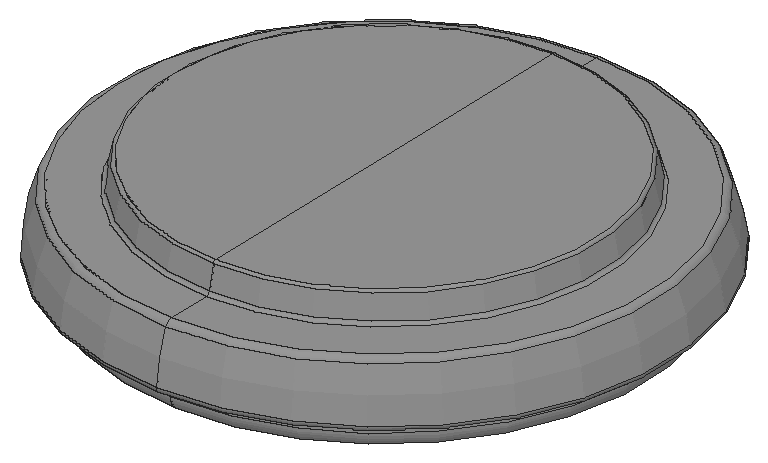
Revit family "FMK11_63_UN_Surface-mounted_ETK", category Lighting Fixtures, Revit 2017 (continued)
Definition of nested family "FMK.1 - Lightsource"
  Types (13, lengths in mm): name | Wattage Comments | Photometric Web File | built-in parameter 1150142 | Apparent Load
      580.557\r\n575.8245\t567.7807\t558.671\t549.5453\t540.3689\t531.5285\t520.6203\t507.6479\t495.0358\t482.4103\r\n469.7659\t456.1023\t439.9856\t424.2655\t408.544\t392.8333\t376.1554\t357.0502\t338.3348\t319.6294\r\n300.9487\t282.2854\t263.6386\t245.0208\t226.416\t229.2017\t45.4684\t0\t0\t0\r\n0\t0\t0\t0\t0\t0\r\n604.9325\t604.7632\t604.6362\t603.7203\t602.0082\t600.4147\t595.7247\t590.7676\t585.7629\t580.6861\r\n575.9058\t567.6035\t558.5877\t549.4888\t540.4293\t531.726\t520.0768\t507.5\t494.9689\t482.4273\r\n470.2375\t455.5327\t439.9057\t424.245\t408.5773\t393.285\t375.5117\t356.8122\t338.1263\t319.4596\r\n300.8082\t282.1736\t263.5683\t244.9667\t226.3809\t226.4495\t32.7256\t0\t0\t0\r\n0\t0\t0\t0\t0\t0\r\n604.9325\t604.7494\t604.6192\t603.7068\t602.0019\t600.4017\t595.6636\t590.7204\t585.7555\t580.7574\r\n576.0386\t567.5341\t558.5281\t549.5331\t540.4448\t531.678\t519.8299\t507.4404\t494.966\t482.469\r\n470.2994\t455.3393\t439.7438\t424.1484\t408.56\t393.3021\t375.2679\t356.5942\t337.9405\t319.3018\r\n300.6755\t282.0607\t263.4482\t244.854\t226.2716\t222.8477\t22.725\t0\t0\t0\r\n0\t0\t0\t0\t0\t0\r\n604.9325\t604.7357\t604.5967\t603.684\t601.9814\t600.3699\t595.5908\t590.662\t585.7282\t580.7774\r\n576.0465\t567.4397\t558.4879\t549.5241\t540.5844\t531.8864\t519.8198\t507.3101\t494.8808\t482.4693\r\n470.3215\t455.1606\t439.6097\t424.0629\t408.5175\t393.228\t374.9972\t356.3573\t337.7329\t319.1159\r\n300.506\t281.8988\t263.2952\t244.6981\t226.1219\t218.8981\t15.0099\t0\t0\t0\r\n0\t0\t0\t0\t0\t0\r\n604.9325\t604.7223\t604.5686\t603.6521\t601.9545\t600.3064\t595.5102\t590.5972\t585.6714\t580.7393\r\n575.9875\t567.2954\t558.3889\t549.4772\t540.5512\t531.8001\t519.6428\t507.2546\t494.8661\t482.4548\r\n470.231\t454.9664\t439.4613\t423.9574\t408.44\t393.1071\t374.7393\t356.1186\t337.5193\t318.9114\r\n300.3051\t281.7155\t263.1204\t244.529\t225.9498\t215.0686\t9.2037\t0\t0\t0\r\n0\t0\t0\t0\t0\t0\r\n604.9325\t604.7094\t604.4862\t603.611\t601.9186\t600.2519\t595.4135\t590.5198\t585.6158\t580.6958\r\n575.8642\t567.1097\t558.241\t549.3869\t540.4953\t531.7019\t519.4694\t507.1191\t494.7328\t482.3628\r\n470.0882\t454.7379\t439.2614\t423.776\t408.2999\t392.9255\t374.4478\t355.8537\t337.2496\t318.6474\r\n300.0597\t281.4641\t262.8684\t244.288\t225.7094\t211.6358\t4.9997\t0\t0\t0\r\n0\t0\t0\t0\t0\t0\r\n604.9325\t604.6969\t604.4556\t603.5192\t601.874\t600.1956\t595.3363\t590.449\t585.5548\t580.6541\r\n575.7996\t566.9991\t558.1327\t549.2735\t540.42\t531.6019\t519.2964\t506.9413\t494.5886\t482.2445\r\n469.9877\t454.5785\t439.0952\t423.6214\t408.1442\t392.7183\t374.1807\t355.5769\t336.9856\t318.3868\r\n299.7943\t281.203\t262.6158\t244.0278\t225.4394\t208.9068\t2.165\t0\t0\t0\r\n0\t0\t0\t0\t0\t0\r\n604.9325\t604.6847\t604.4274\t603.4735\t601.8037\t600.1361\t595.2676\t590.3811\t585.4992\t580.6088\r\n575.7401\t566.912\t558.0725\t549.2441\t540.4033\t531.587\t519.2191\t506.851\t494.4843\t482.1068\r\n469.7562\t454.3202\t438.8773\t423.4266\t407.9715\t392.5332\t373.932\t355.3289\t336.7255\t318.1135\r\n299.5116\t280.9116\t262.2998\t243.7\t225.1013\t207.0147\t0.5323\t0\t0\t0\r\n0\t0\t0\t0\t0\t0\r\n604.9325\t604.6729\t604.4014\t603.4335\t601.7575\t600.0816\t595.2071\t590.3206\t585.446\t580.5597\r\n575.685\t566.8329\t557.9807\t549.1285\t540.2764\t531.4242\t519.0431\t506.6501\t494.257\t481.8758\r\n469.4829\t454.0447\t438.6064\t423.1684\t407.7302\t392.292\t373.6789\t355.054\t336.4408\t317.8278\r\n299.2028\t280.5896\t261.9646\t243.3516\t224.7385\t206.1135\t0\t0\t0\t0\r\n0\t0\t0\t0\t0\t0\r\n604.9325\t604.6616\t604.378\t603.3995\t601.715\t600.0296\t595.1546\t590.2669\t585.4105\t580.5216\r\n575.6582\t566.7631\t557.8634\t548.9492\t540.0325\t531.1387\t518.7759\t506.3999\t494.0246\t481.6485\r\n469.2857\t453.8306\t438.3655\t422.898\t407.4405\t391.9924\t373.3723\t354.7354\t336.1017\t317.4682\r\n298.8328\t280.1999\t261.5672\t242.9339\t224.3137\t206.2036\t0.5301\t0\t0\t0\r\n0\t0\t0\t0\t0\t0\r\n604.9325\t604.6507\t604.3569\t603.3713\t601.698\t599.9887\t595.1169\t590.2224\t585.3231\t580.4075\r\n575.5369\t566.6425\t557.7033\t548.7862\t539.8612\t531.0007\t518.6409\t506.2128\t493.7948\t481.377\r\n469.0121\t453.5886\t438.1005\t422.6195\t407.1375\t391.7061\t373.1018\t354.4428\t335.7831\t317.1238\r\n298.4689\t279.8011\t261.1531\t242.4973\t223.8535\t207.2464\t2.1476\t0\t0\t0\r\n0\t0\t0\t0\t0\t0\r\n604.9325\t604.6403\t604.3383\t603.3781\t601.6534\t599.9308\t595.0598\t590.1302\t585.1637\t580.2052\r\n575.3271\t566.4956\t557.5561\t548.6172\t539.6572\t530.7955\t518.4879\t506.047\t493.6358\t481.2019\r\n468.8827\t453.4616\t437.9077\t422.358\t406.814\t391.4091\t372.8458\t354.1519\t335.4575\t316.7768\r\n298.0863\t279.3995\t260.7148\t242.0356\t223.3535\t209.1392\t4.9398\t0\t0\t0\r\n0\t0\t0\t0\t0\t0\r\n604.9325\t604.6305\t604.3542\t603.3499\t601.5992\t599.8648\t594.9909\t590.0066\t585.0197\t580.0279\r\n575.213\t566.4149\t557.4183\t548.4139\t539.4142\t530.599\t518.354\t505.8662\t493.3253\t480.7725\r\n468.4051\t453.0753\t437.5235\t421.9622\t406.3959\t391.0178\t372.5245\t353.7887\t335.0458\t316.3216\r\n297.6139\t278.9143\t260.2218\t241.5236\t222.8419\t211.7307\t9.0584\t0\t0\t0\r\n0\t0\t0\t0\t0\t0\r\n604.9325\t604.6209\t604.3361\t603.3171\t601.5361\t599.79\t594.9273\t589.9054\t584.8898\t579.8507\r\n575.019\t566.2793\t557.2303\t548.1795\t539.1485\t530.3832\t518.1958\t505.5947\t492.998\t480.4038\r\n468.0549\t452.8183\t437.1902\t421.5538\t405.9366\t390.617\t372.2595\t353.4868\t334.7152\t315.9418\r\n297.1676\t278.4178\t259.6912\t240.9653\t222.2487\t214.6609\t14.7139\t0\t0\t0\r\n0\t0\t0\t0\t0\t0\r\n604.9325\t604.6121\t604.3154\t603.2796\t601.4588\t599.7057\t594.8651\t589.8096\t584.7389\t579.6112\r\n574.75\t566.1333\t557.0381\t547.9336\t538.8114\t530.0323\t517.9997\t505.3262\t492.6666\t480.0139\r\n467.6665\t452.5996\t436.9052\t421.1918\t405.4901\t390.1168\t371.9317\t353.1249\t334.3088\t315.5017\r\n296.703\t277.9087\t259.137\t240.3756\t221.641\t217.6606\t22.1831\t0\t0\t0\r\n0\t0\t0\t0\t0\t0\r\n604.9325\t604.6037\t604.2923\t603.2379\t601.3832\t599.6112\t594.7992\t589.7156\t584.578\t579.3507\r\n574.4365\t565.9847\t556.8299\t547.6569\t538.4624\t529.6436\t517.8379\t505.1383\t492.3998\t479.655\r\n467.2301\t452.3504\t436.5478\t420.7758\t404.9991\t389.6016\t371.6468\t352.7568\t333.902\t315.0466\r\n296.2052\t277.3808\t258.5638\t239.7718\t220.9966\t220.3335\t31.8157\t0\t0\t0\r\n0\t0\t0\t0\t0\t0\r\n604.9325\t604.6264\t604.2668\t603.184\t601.3042\t599.4921\t594.7631\t589.6316\t584.4014\t579.0674\r\n574.1164\t565.8696\t556.6558\t547.4143\t538.1213\t529.2802\t518.2321\t504.9902\t492.1\t479.1502\r\n466.2748\t452.4704\t436.2345\t420.3688\t404.5102\t388.6462\t371.7795\t352.4387\t333.5044\t314.5978\r\n295.7023\t276.8281\t257.9759\t239.1444\t220.3439\t222.1659\t44.019\t0\t0\t0\r\n0\t0\t0\t0\t0\t0\r\n604.9325\t604.6175\t604.2388\t603.1377\t601.2227\t599.393\t594.7597\t589.541\t584.2109\t578.7911\r\n573.7778\t565.8354\t556.5099\t547.1431\t537.7767\t528.4261\t518.0929\t504.6371\t491.6852\t478.7549\r\n465.7705\t452.2449\t435.9539\t419.9514\t403.9894\t388.026\t371.4783\t352.1406\t333.1278\t314.1432\r\n295.1638\t276.2281\t257.3335\t238.4602\t219.6336\t222.5815\t59.2795\t0\t0\t0\r\n0\t0\t0\t0\t0\t0\r\n604.9325\t604.6083\t604.2087\t603.0905\t601.1334\t599.2948\t594.7477\t589.4485\t584.0313\t578.5186\r\n572.9709\t566.2131\t556.303\t546.8736\t537.408\t527.7959\t517.755\t504.4878\t491.4077\t478.3154\r\n465.1946\t451.8663\t435.6497\t419.562\t403.4723\t387.3853\t371.0707\t351.7829\t332.7135\t313.6759\r\n294.6564\t275.6527\t256.6917\t237.7765\t218.8904\t200.0404\t123.0458\t0\t0\t0\r\n0\t0\t0\t0\t0\t0\r\n604.9325\t604.5984\t604.1762\t603.0423\t601.0563\t599.2079\t594.7406\t589.3635\t583.8557\t578.2878\r\n572.5598\t565.9939\t556.1202\t546.5996\t536.9675\t527.333\t517.5303\t504.2723\t491.0942\t477.8523\r\n464.6219\t451.4545\t435.3539\t419.1162\t402.8873\t386.7138\t370.6427\t351.5167\t332.3327\t313.2127\r\n294.1056\t275.0485\t256.0207\t237.0535\t218.1327\t199.2528\t141.3756\t0\t0\t0\r\n0\t0\t0\t0\t0\t0\r\n604.9325\t604.5881\t604.1345\t602.9934\t600.9831\t599.0881\t595.1231\t589.2797\t583.702\t578.0092\r\n572.086\t565.7444\t556.0207\t546.3512\t536.6207\t526.7829\t517.1153\t504.1266\t490.752\t477.3913\r\n464.0075\t450.8707\t435.0141\t418.6634\t402.3572\t386.0323\t370.0481\t351.2415\t331.9591\t312.7263\r\n293.5436\t274.4063\t255.3393\t236.3172\t217.3562\t198.4472\t158.4187\t0\t0\t0\r\n0\t0\t0\t0\t0\t0\r\n604.9325\t604.5773\t604.0991\t602.9455\t600.914\t598.9484\t595.1202\t589.2174\t583.57\t577.6864\r\n571.6185\t565.5197\t555.9396\t546.1367\t536.2215\t526.2616\t516.5963\t503.9155\t490.4617\t476.9917\r\n463.3929\t449.7242\t435.1403\t418.2976\t401.8163\t385.3234\t369.2577\t350.95\t331.5721\t312.2532\r\n292.976\t273.7597\t254.6188\t235.5561\t216.5474\t197.6093\t173.3203\t0\t0\t0\r\n0\t0\t0\t0\t0\t0\r\n604.9325\t604.5662\t604.0625\t602.8947\t600.8579\t598.4107\t595.0932\t589.1837\t583.4111\t577.3865\r\n571.207\t565.2785\t555.8452\t545.8987\t535.8506\t525.6906\t515.4472\t504.2643\t490.2873\t476.512\r\n462.7778\t449.0181\t434.7872\t417.8293\t401.2088\t384.6206\t368.038\t350.9748\t331.1759\t311.7626\r\n292.4418\t273.1465\t253.9196\t234.7779\t215.7009\t196.7075\t185.101\t0\t0\t0\r\n0\t0\t0\t0\t0\t0\r\n604.9325\t604.5549\t604.0248\t602.8422\t600.8896\t598.2527\t595.0586\t589.1516\t583.2471\t577.0978\r\n570.8578\t564.8371\t555.7919\t545.6803\t535.468\t525.155\t514.7861\t504.1101\t489.9894\t476.136\r\n462.2219\t448.1506\t434.1791\t417.5062\t400.72\t383.9073\t367.1567\t350.4871\t330.8814\t311.3368\r\n291.8725\t272.4841\t253.2081\t233.9971\t214.874\t195.8381\t192.7191\t15.9245\t0\t0\r\n0\t0\t0\t0\t0\t0\r\n604.9325\t604.5433\t603.986\t602.788\t600.8165\t598.0928\t595.0063\t589.1287\t583.1052\t576.8495\r\n570.464\t563.8318\t556.1539\t545.496\t535.1406\t524.6786\t514.145\t503.5885\t489.837\t475.7861\r\n461.5507\t447.3989\t433.5293\t417.1738\t400.1728\t383.2561\t366.3482\t349.7603\t330.57\t310.9182\r\n291.3454\t271.8635\t252.4808\t233.2119\t214.0328\t194.9634\t195.026\t38.2765\t0\t0\r\n0\t0\t0\t0\t0\t0\r\n604.9325\t604.5317\t603.9462\t602.73\t600.7396\t597.9295\t594.9348\t589.1201\t582.9764\t576.6315\r\n570.0584\t563.2569\t555.9179\t545.3696\t534.8625\t524.2132\t513.4217\t502.9356\t489.7305\t475.3691\r\n461.0709\t446.6983\t432.2196\t417.1769\t399.7761\t382.6479\t365.546\t348.499\t330.6306\t310.5168\r\n290.8325\t271.2253\t251.7671\t232.4223\t213.1813\t194.0621\t175.0452\t106.4478\t0\t0\r\n0\t0\t0\t0\t0\t0\r\n604.9325\t604.5199\t603.9051\t602.6751\t600.6596\t597.7729\t594.8273\t589.1277\t582.8766\t576.4068\r\n569.6829\t562.6314\t555.6053\t545.3093\t534.5655\t523.7745\t512.7601\t501.66\t489.8704\t475.1468\r\n460.6236\t445.9779\t431.3323\t416.721\t399.3955\t382.1115\t364.7839\t347.5098\t330.1901\t310.1235\r\n290.373\t270.6834\t251.0985\t231.6345\t212.2907\t193.1322\t174.086\t133.5693\t0\t0\r\n0\t0\t0\t0\t0\t0\r\n604.9325\t604.5079\t603.8631\t602.6134\t600.5749\t597.6205\t594.6841\t589.1533\t582.7971\t576.198\r\n569.2975\t562.0743\t555.1412\t545.1747\t534.4\t523.3501\t512.1459\t500.742\t489.4278\t474.9764\r\n460.2072\t445.3919\t430.5375\t415.931\t399.1573\t381.5414\t364.0205\t346.5679\t329.4978\t309.9127\r\n289.9228\t270.0565\t250.3956\t230.8425\t211.4094\t192.1749\t173.1081\t154.025\t0\t0\r\n0\t0\t0\t0\t0\t0\r\n604.9325\t604.4961\t603.8272\t602.5488\t600.4863\t597.4731\t594.506\t589.5741\t582.7439\t576.0162\r\n568.8821\t561.5908\t554.0037\t545.51\t534.2308\t522.9763\t511.5426\t499.9542\t488.6592\t475.3061\r\n459.9308\t444.8951\t429.7989\t414.6003\t399.0359\t381.0986\t363.3904\t345.7352\t328.131\t309.8941\r\n289.5081\t269.4864\t249.6632\t230.0436\t210.573\t191.2661\t172.1269\t166.1889\t1.0816\t0\r\n0\t0\t0\t0\t0\t0\r\n604.9325\t604.4843\t603.6876\t602.4812\t600.394\t597.3304\t593.8969\t589.5576\t582.7321\t575.8654\r\n568.5536\t561.1314\t553.1982\t545.2937\t534.1132\t522.6889\t511.0381\t499.2227\t487.2464\t475.0385\r\n459.7619\t444.4779\t429.0445\t413.5582\t398.4204\t380.7318\t362.7844\t344.8834\t327.0801\t309.3293\r\n289.0741\t268.9893\t249.0266\t229.2819\t209.6976\t190.315\t171.1479\t152.1609\t24.9516\t0\r\n0\t0\t0\t0\t0\t0\r\n604.9325\t604.4729\t603.6423\t602.4109\t600.2969\t597.1958\t593.6426\t589.4592\t582.742\t575.7081\r\n568.317\t560.6659\t552.5479\t544.712\t534.4903\t522.4719\t510.5985\t498.545\t486.3296\t474.3497\r\n459.6837\t444.0747\t428.3777\t412.7844\t396.9567\t380.7411\t362.297\t344.1678\t326.043\t308.3826\r\n288.7651\t268.5059\t248.3888\t228.5046\t208.8423\t189.3996\t170.1602\t151.1308\t92.5537\t0\r\n0\t0\t0\t0\t0\t0\r\n604.9325\t604.4616\t603.597\t602.3379\t600.1979\t597.1739\t593.3818\t589.3226\t582.7813\t575.5444\r\n568.0981\t560.1654\t552.0133\t543.4448\t534.3842\t522.3157\t510.2443\t497.9469\t485.4798\t472.8858\r\n459.8258\t443.7838\t427.9923\t411.939\t395.91\t380.1029\t361.9131\t343.5007\t325.0806\t306.9089\r\n288.6458\t268.0404\t247.8084\t227.7882\t207.9796\t188.4441\t169.1623\t150.1435\t122.6663\t0\r\n0\t0\t0\t0\t0\t0\r\n604.9325\t604.4506\t603.5522\t602.2627\t600.0956\t597.0523\t593.1349\t589.1244\t583.2394\t575.4851\r\n567.9307\t559.7776\t551.4227\t542.6122\t533.9082\t522.2819\t509.9837\t497.4537\t484.7479\t471.794\r\n458.998\t443.7995\t427.5727\t411.2769\t395.0097\t378.6622\t361.8948\t342.8143\t324.3217\t305.8143\r\n287.7492\t267.7007\t247.2224\t227.0748\t207.166\t187.5405\t168.1922\t149.124\t140.1567\t0\r\n0\t0\t0\t0\t0\t0\r\n604.9325\t604.4294\t603.5077\t602.188\t599.9899\t596.9477\t592.9016\t588.8633\t583.2147\t575.5207\r\n567.7723\t559.5045\t550.8897\t541.9416\t532.6043\t522.5965\t509.811\t497.0659\t484.0541\t470.8107\r\n457.4164\t443.8914\t427.3242\t410.8155\t394.1966\t377.5624\t360.9355\t342.52\t323.6112\t304.8648\r\n286.202\t267.5492\t246.7533\t226.4008\t206.3734\t186.6561\t167.2312\t148.1077\t129.2845\t10.3334\r\n0\t0\t0\t0\t0\t0\r\n604.9325\t604.4195\t603.4641\t602.1078\t599.8841\t596.8155\t592.6872\t588.1451\t583.0235\t575.5845\r\n567.6119\t559.2557\t550.4062\t541.2976\t531.6992\t522.0661\t509.7806\t496.7878\t483.4998\t469.9516\r\n456.3571\t442.8221\t427.6855\t410.4734\t393.5939\t376.5252\t359.5309\t342.4013\t323.0592\t303.9192\r\n285.0445\t266.5724\t246.3282\t225.8347\t205.6391\t185.7617\t166.2891\t147.1457\t128.3049\t73.2475\r\n0\t0\t0\t0\t0\t0\r\n604.9325\t604.4101\t603.4214\t602.025\t599.771\t596.6739\t592.5032\t587.8231\t582.7805\t576.0783\r\n567.5599\t559.0563\t550.0333\t540.6899\t530.8794\t520.6834\t510.0048\t496.6168\t483.0748\t469.3201\r\n455.372\t441.1597\t427.0718\t410.38\t393.176\t375.718\t358.337\t341.0191\t322.5628\t303.171\r\n283.9792\t265.0216\t246.1697\t225.2875\t204.9367\t184.9616\t165.3515\t146.1494\t127.3133\t105.7337\r\n0\t0\t0\t0\t0\t0\r\n604.9325\t604.4017\t603.38\t601.9397\t599.6438\t596.5227\t592.438\t587.5329\t582.44\t576.0734\r\n567.5935\t558.9207\t549.7995\t540.1888\t530.1658\t519.7126\t509.2645\t496.9894\t482.7879\t468.8702\r\n454.5035\t440.0377\t425.3993\t410.6674\t392.8017\t375.0463\t357.3334\t339.6053\t322.0947\t302.6399\r\n283.1155\t263.9142\t244.8482\t224.8765\t204.317\t184.1413\t164.4613\t145.2101\t126.3651\t119.2436\r\n0\t0\t0\t0\t0\t0\r\n604.9325\t604.3939\t603.34\t601.8519\t599.5255\t596.3623\t592.2631\t587.2532\t581.656\t575.8791\r\n568.1003\t558.8511\t549.6123\t539.7808\t529.5521\t518.8501\t507.7503\t496.4831\t482.7274\t468.533\r\n453.9048\t439.1525\t424.1626\t408.9232\t392.9664\t374.5938\t356.5292\t338.4935\t320.5128\t302.3863\r\n282.5686\t262.8995\t243.5418\t224.4753\t203.7722\t183.4746\t163.6292\t144.2566\t125.3736\t106.9497\r\n11.7181\t0\t0\t0\t0\t0\r\n604.9325\t604.387\t603.3015\t601.7617\t599.4058\t596.1605\t592.0815\t586.9987\t581.2608\t575.4819\r\n568.0918\t558.8954\t549.4935\t539.4922\t529.0523\t518.1151\t506.7688\t494.941\t482.9397\t468.3432\r\n453.5373\t438.4736\t423.165\t407.4106\t391.8135\t374.7525\t356.0936\t337.6593\t319.275\t301.111\r\n282.2991\t262.0961\t242.4214\t223.0808\t203.3667\t182.8152\t162.8033\t143.344\t124.4124\t106.0038\r\n72.9351\t0\t0\t0\t0\t0\r\n604.9325\t604.622\t603.2538\t601.5672\t599.2847\t595.9962\t591.8852\t586.8698\t580.9017\t574.5928\r\n567.865\t559.4036\t549.4849\t539.3427\t528.6819\t517.5354\t505.9362\t493.8401\t481.5473\t468.5515\r\n453.4477\t437.9898\t422.2479\t406.2226\t390.0147\t373.9767\t355.942\t337.1648\t318.4738\t299.7784\r\n281.3581\t261.6264\t241.5101\t221.8103\t202.7012\t182.2804\t162.0885\t142.4934\t123.5155\t105.0904\r\n95.1456\t0\t0\t0\t0\t0\r\n604.9325\t604.6141\t603.2189\t601.4822\t599.1621\t595.8286\t591.6884\t586.6254\t580.5859\t574.1298\r\n567.4081\t559.3581\t549.5858\t539.309\t528.4379\t517.129\t505.2655\t492.9651\t480.2973\t467.2202\r\n453.6975\t437.7964\t421.7132\t405.3918\t388.8092\t372.1027\t355.5671\t337.0665\t317.922\t298.752\r\n279.8341\t261.0628\t240.8359\t220.8089\t201.1979\t181.9596\t161.5268\t141.7433\t122.5829\t104.1327\r\n86.3071\t0\t0\t0\t0\t0\r\n604.9325\t604.6054\t603.1866\t601.4029\t599.0383\t595.6611\t591.4846\t586.3831\t580.4101\t573.7236\r\n566.4496\t559.0016\t549.9724\t539.414\t528.3623\t516.8762\t504.7922\t492.3345\t479.3339\t466.0119\r\n452.2141\t437.9358\t421.548\t404.9834\t388.0178\t370.9093\t353.6945\t336.6775\t317.7303\t298.2286\r\n278.7536\t259.4391\t240.5161\t220.1211\t200.0968\t180.6721\t161.0151\t141.0006\t121.7686\t103.2549\r\n85.4213\t45.9781\t0\t0\t0\t0\r\n604.9325\t604.5953\t603.1572\t601.3299\t598.9131\t595.4931\t591.2773\t586.136\t580.1303\t573.4509\r\n565.956\t558.0142\t549.6285\t539.8675\t528.4659\t516.7647\t504.5384\t491.8589\t478.6369\t465.0603\r\n450.9503\t436.4023\t421.7158\t404.8189\t387.5354\t370.1777\t352.5399\t334.7641\t317.2154\t298.387\r\n278.1701\t258.4364\t238.9754\t219.7559\t199.2825\t179.3658\t160.3313\t140.4532\t120.9822\t102.383\r\n84.5438\t73.5444\t0\t0\t0\t0\r\n604.9325\t604.5842\t603.1309\t601.2628\t598.7218\t595.325\t591.0663\t585.8834\t579.8535\t573.1229\r\n565.5374\t557.4249\t548.5695\t539.5105\t528.9283\t516.8665\t504.4931\t491.5872\t478.201\t464.3372\r\n449.9781\t435.1134\t420.0866\t404.7055\t387.8436\t369.7748\t351.778\t333.5676\t315.3363\t297.026\r\n278.3487\t257.9367\t237.9282\t218.2191\t198.7991\t178.3756\t158.8354\t140.0522\t120.3754\t101.6243\r\n83.73\t66.7522\t0\t0\t0\t0\r\n604.9325\t604.5719\t603.1078\t601.203\t598.6144\t595.1881\t590.8522\t585.6299\t579.5818\t572.7997\r\n565.288\t556.9376\t547.9461\t538.3631\t528.5314\t517.2694\t505.0391\t491.5939\t478.0231\t463.9186\r\n449.2926\t434.2502\t418.8317\t402.9288\t386.7615\t370.0642\t351.5529\t332.8486\t314.229
